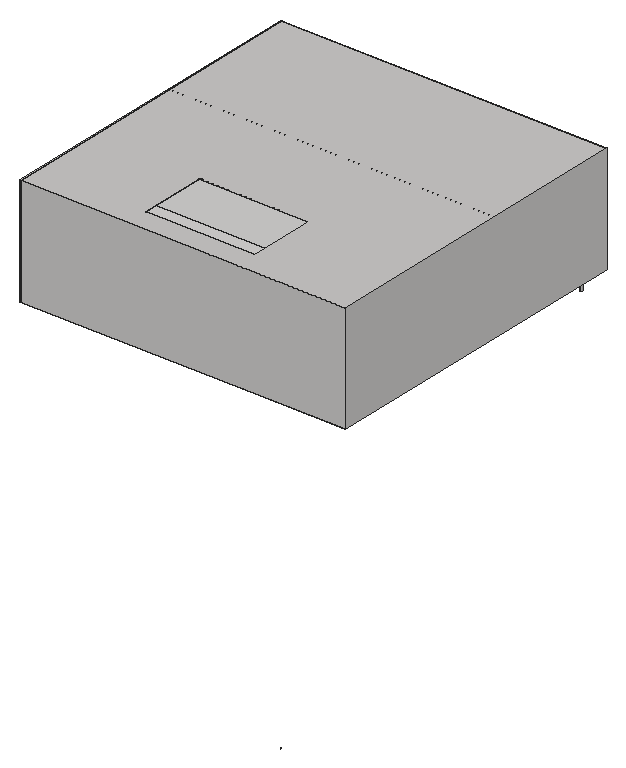
Revit family "QF_ELECTROLUXPROFESSIONAL_643320_DK1212", category Specialty Equipment, Revit 2014
Reference planes
  plane 1: z = 0
  plane 2 "Center (Left/Right)": x = 150
  plane 3 "LEFT": x = -450
  plane 4 "RIGHT": x = 750
  plane 5 "BACK": y = 550
  plane 6 "TOP": z = 2400
  plane 7 "Base": z = 2000
  plane 8: z = 1970
  plane 9 "DrainY": y = 450
  plane 10: x = -447
  plane 11: y = -320
  plane 12: y = -570
  plane 13 "DrainX": x = 737
  plane 14 "AOLeft2": x = 350
  plane 15: x = 747
  plane 16: x = -250
  plane 17: x = 550
  plane 18 "Center (Front/Back)": y = -50
  plane 19 "Front": y = -650
  plane 20 "AOLeft1": x = -50
Forms (mm)
  Extrusion 1, solid, material "QF_Finishes_Stainless Steel"
    sketch origin (-450, 0, 360) x (0, 1, 0) y (0, 0, 1)
      loop
        line (550, 1640) -> (550, 2040) -> (-650, 2040) -> (-650, 1640) -> (550, 1640)
    from 0 to 3
  Extrusion 2, solid, material "QF_Finishes_Stainless Steel"
    sketch origin (750, 0, 360) x (0, 1, 0) y (0, 0, 1)
      loop
        line (550, 1640) -> (550, 2040) -> (-650, 2040) -> (-650, 1640) -> (550, 1640)
    from 0 to -3
  Extrusion 3, solid, material "QF_Finishes_Stainless Steel"
    sketch origin (150, 0, 360) x (0, 1, 0) y (0, 0, 1)
      loop
        line (-650, 2040) -> (-650, 1640) -> (-640, 1640) -> (-640, 1640.8) -> (-649.2, 1640.8) -> (-649.2, 2039.19) -> (549.2, 2039.19) -> (549.2, 1640.8) -> (540, 1640.8) -> (540, 1640) -> (550, 1640) -> (550, 2040) -> (-650, 2040)
    from -600 to 600
  Extrusion 4, solid, material "QF_Finishes_Stainless Steel"
    sketch origin (0, 0, 2000) x (0, 1, 0) y (-1, 0, 0)
      loop
        circle (450, -737) r 4.763
    from -30 to 0
  Extrusion 5, void
    sketch origin (0, 0, 2400) x (0, 1, 0) y (-1, 0, 0)
      loop
        line (-320, -350) -> (-320, 50) -> (-570, 50) -> (-570, -350) -> (-320, -350)
    from 0 to -10
  Extrusion 6, solid, material "QF_Finishes_Stainless Steel"
    sketch origin (0, 0, 0) x (1, 0, 0) y (0, 1, 0)
      loop
        line (-450, 550) -> (-450, 549) -> (-449, 549) -> (-449, 550) -> (-450, 550)
    from 0 to 1
  Sweep 7, solid, material "QF_Finishes_Stainless Steel"
    path origin (0, 0, 0) x (1, 0, 0) y (0, 1, 0)
      loop
        line (750, 550) -> (-450, 550) -> (-450, -650) -> (750, -650) -> (750, 550)
    profile origin (750, -50, 0) x (1, 0, 0) y (0, 0, 1)
      loop
        line (-3, 2000) -> (-3, 2000.8) -> (-19, 2000.8) -> (-19, 2010) -> (-20, 2010) -> (-20, 2000) -> (-3, 2000)
  Extrusion 8, solid, material "QF_Finishes_Stainless Steel"
    sketch origin (150, 0, 0) x (0, 1, 0) y (0, 0, 1)
      loop
        line (35, 2399.19) -> (34.2, 2399.19) -> (34.2, 2329.838) -> (-320.309, 2254.485) -> (-614.003, 2066.672) -> (-614.003, 2000.8) -> (-613.203, 2000.8) -> (-613.203, 2066.234) -> (-320, 2253.732) -> (35, 2329.19) -> (35, 2399.19)
    from -597 to 597
Cuts and joins
  Extrusion 5 cuts Extrusion 3
  joined: Extrusion 2, Extrusion 3, Sweep 7
Lines and regions (mm)
  symbolic lines, style "SpecialityEquipment", detail levels coarse
    curve 1: line (750, 550, 2400) -> (-450, 550, 2400)
    curve 2: line (-450, 550, 2400) -> (-450, -650, 2400)
    curve 3: line (750, -650, 2400) -> (750, 550, 2400)
    curve 4: line (-450, 550, 0) -> (750, -650, 0)
    curve 5: line (750, 550, 0) -> (-450, -650, 0)
    curve 6: line (-450, -650, 0) -> (750, -650, 0)
  symbolic lines, detail levels coarse
    curve 7: line (-50, -570, 0) -> (350, -570, 0)
    curve 8: line (-50, -320, 0) -> (-50, -570, 0)
    curve 9: line (350, -320, 0) -> (-50, -320, 0)
    curve 10: line (350, -570, 0) -> (350, -320, 0)
Dimensions and locks
  plane 3 "LEFT" to plane 4 "RIGHT" = 1200 mm
  equal spacing: plane 3 "LEFT", plane 2 "Center (Left/Right)", plane 4 "RIGHT"
  plane 7 "Base" to plane 8 = 30 mm
  plane 5 "BACK" to plane 9 "DrainY" = 100 mm  (x2)
  plane 3 "LEFT" to plane 10 = 3 mm
  plane 13 "DrainX" to plane 4 "RIGHT" = 13 mm
  plane 15 to plane 4 "RIGHT" = 3 mm
  plane 3 "LEFT" to plane 16 = 200 mm
  plane 17 to plane 4 "RIGHT" = 200 mm
  locked: plane 7 "Base" to level at 2000
  locked: plane 6 "TOP" to plane 7 "Base" at 400
  plane 5 "BACK" to plane 19 "Front" = 1200 mm  (x2)
  equal spacing: plane 5 "BACK", plane 18 "Center (Front/Back)", plane 19 "Front"
  plane 12 to plane 19 "Front" = 80 mm
  locked: plane 11 to plane 12 at 250
  locked: plane 20 "AOLeft1" to plane 14 "AOLeft2" at 400
  equal spacing: plane 20 "AOLeft1", plane 2 "Center (Left/Right)", plane 14 "AOLeft2"
  aligned and locked: level to plane 1
  aligned and locked: plane 4 "RIGHT" to Extrusion 3
  aligned and locked: Extrusion 3 to plane 3 "LEFT"
  aligned and locked: Extrusion 5 to plane 12
  aligned and locked: Extrusion 5 to plane 11
  aligned and locked: Extrusion 2 to plane 15
  aligned and locked: Extrusion 8 to plane 10
  aligned and locked: plane 15 to Extrusion 8
  aligned and locked: Extrusion 5 to plane 20 "AOLeft1"
  aligned and locked: Extrusion 5 to plane 14 "AOLeft2"
Automatic sketch dimensions
  Extrusion 1 sketch curve to plane 7 "Base" = 0 mm
  Extrusion 1 sketch curve to plane 19 "Front" = 0 mm
  Extrusion 1 sketch curve to plane 5 "BACK" = 0 mm
  Extrusion 1 sketch curve to plane 6 "TOP" = 0 mm
  Extrusion 2 sketch curve to plane 7 "Base" = 0 mm
  Extrusion 2 sketch curve to plane 19 "Front" = 0 mm
  Extrusion 2 sketch curve to plane 5 "BACK" = 0 mm
  Extrusion 2 sketch curve to plane 6 "TOP" = 0 mm
  Extrusion 3 sketch curve to plane 6 "TOP" = 0 mm
  Extrusion 3 sketch curve to plane 19 "Front" = 0 mm
  Extrusion 3 sketch curve to plane 7 "Base" = 0 mm  (x2)
  Extrusion 3 sketch curve to plane 5 "BACK" = 0 mm
  plane 19 "Front" to Extrusion 3 sketch curve = 0.8 mm
  Extrusion 3 sketch curve to Extrusion 3 sketch curve = 9.2 mm
  plane 7 "Base" to Extrusion 3 sketch curve = 0.8 mm  (x2)
  Extrusion 3 sketch curve to plane 5 "BACK" = 10 mm
  Extrusion 3 sketch curve to plane 5 "BACK" = 0.8 mm
  Extrusion 3 sketch curve to plane 6 "TOP" = 0.81 mm
  Extrusion 4 sketch curve to plane 9 "DrainY" = 0 mm
  Extrusion 4 sketch curve to plane 13 "DrainX" = 0 mm
  Extrusion 5 sketch curve to plane 12 = 0 mm
  plane 11 to Extrusion 5 sketch curve = 0 mm
  Extrusion 5 sketch curve to plane 14 "AOLeft2" = 0 mm
  Extrusion 5 sketch curve to plane 20 "AOLeft1" = 0 mm
  Extrusion 6 sketch curve to plane 3 "LEFT" = 0 mm
  Extrusion 6 sketch curve to plane 5 "BACK" = 0 mm
  plane 3 "LEFT" to Extrusion 6 sketch curve = 1 mm
  Extrusion 6 sketch curve to Extrusion 6 sketch curve = 1 mm
  Sweep 7 sketch curve to plane 3 "LEFT" = 0 mm
  Sweep 7 sketch curve to plane 4 "RIGHT" = 0 mm
  Sweep 7 sketch curve to plane 19 "Front" = 0 mm
  Sweep 7 sketch curve to plane 5 "BACK" = 0 mm
  profile plane to Sweep 7 sketch curve = 20 mm
  Sweep 7 sketch curve to Sweep 7 sketch curve = 1 mm
  profile plane to Sweep 7 sketch curve = 3 mm
  level to Sweep 7 sketch curve = 2000 mm
  Sweep 7 sketch curve to Sweep 7 sketch curve = 0.8 mm
  Sweep 7 sketch curve to Sweep 7 sketch curve = 9.2 mm
  curve 5 to plane 3 "LEFT" = 0 mm
  curve 4 to plane 3 "LEFT" = 0 mm
  curve 6 to plane 19 "Front" = 0 mm
  curve 5 to plane 4 "RIGHT" = 0 mm
  curve 6 to plane 4 "RIGHT" = 0 mm
  curve 5 to plane 5 "BACK" = 0 mm
  curve 4 to plane 5 "BACK" = 0 mm
  curve 2 to plane 3 "LEFT" = 0 mm
  curve 2 to plane 19 "Front" = 0 mm
  curve 3 to plane 4 "RIGHT" = 0 mm
  curve 3 to plane 19 "Front" = 0 mm
  curve 2 to plane 5 "BACK" = 0 mm
  Extrusion 8 sketch curve to plane 11 = 0 mm
  plane 11 to Extrusion 8 sketch curve = 0.309 mm
  plane 7 "Base" to Extrusion 8 sketch curve = 0.8 mm
  plane 19 "Front" to Extrusion 8 sketch curve = 36.797 mm
  Extrusion 8 sketch curve to Extrusion 8 sketch curve = 0.8 mm  (x2)
  plane 18 "Center (Front/Back)" to Extrusion 8 sketch curve = 84.2 mm
  Extrusion 8 sketch curve to Extrusion 8 sketch curve = 65.434 mm
  Extrusion 8 sketch curve to plane 6 "TOP" = 146.268 mm
  Extrusion 8 sketch curve to Extrusion 8 sketch curve = 0.752 mm
  Extrusion 8 sketch curve to plane 6 "TOP" = 70.81 mm
  Extrusion 8 sketch curve to Extrusion 8 sketch curve = 0.648 mm
  Extrusion 8 sketch curve to Extrusion 8 sketch curve = 0.438 mm
  Extrusion 8 sketch curve to plane 6 "TOP" = 0.81 mm
  curve 7 to plane 12 = 0 mm
  curve 7 to plane 20 "AOLeft1" = 0 mm
  plane 11 to curve 8 = 0 mm
  curve 9 to plane 14 "AOLeft2" = 0 mm
  radius of Extrusion 4 sketch curve = 4.763 mm
Connectors
  piping at (737, 450, 1970), diameter 9.5
    settings: on Extrusion 4, index 1, connector inside diameter 609.6 mm, connector length 0 mm, flow factor 0, pipe flow 0.0 L/s, pressure drop 0.0 Pa, fitting loss kfactor 0, connector angle 0.00°, fixture units 0, engagement length 0 mm, angle of deflection 0.00°, flow configuration 1, flow direction 2, fitting loss method 0, system type 16, joint type 0, gender type 0, connector reference index -1, connector utility 0, adjustable connector no, is connector primary yes, connector description "Drain"
  hvac at (150, -445, 2400)
    settings: on Extrusion 5, index 2, duct flow 0.0 L/s, flow factor 0, pres drop 0.0 Pa, loss coef 0, conn angle 0.00°, conn width 250 mm, conn height 400 mm, conn diameter 609.6 mm, duct sys type 3, conn prof type 1, flow config 1, flow direction 2, loss method 0, conn ref index -1, conn util no, is conn primary yes, conn desc "EXHAUST OUTLET"
